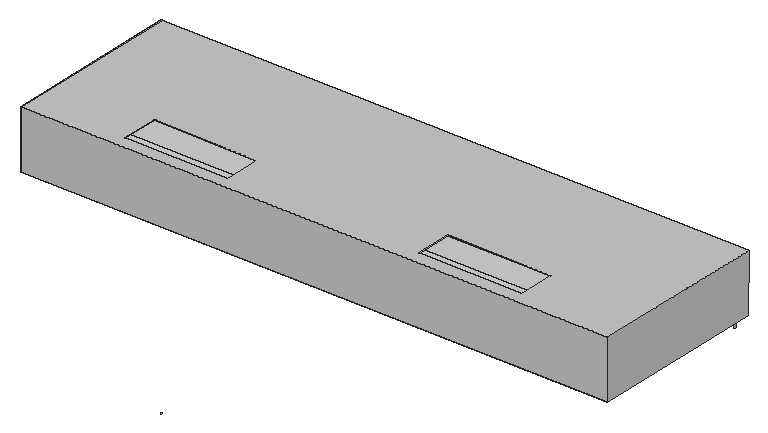
Revit family "QF_ELECTROLUXPROFESSIONAL_643327_DK1240", category Attrezzature speciali, Revit 2021
Family settings
  Quota connettore circolare = Usa diametro
  Tipo di parte = Normale
  Basato su piano di lavoro = No
  Sempre verticale = Sì
  Taglio con vuoti quando caricato = No
  Condiviso = No
  Punto di calcolo locali = No
Parameters (values of type "Standard")
  Weight = 98.00 kg
  Watts = 0 W
  Volts = 0 V
  URL Manufacturer = "https://www.electroluxprofessional.com/"
  URL = "https://www.electroluxprofessional.com/"
  Steam Supply Size = 0 mm
  Steam Supply Minimum Pressure = 0.0 Pa
  Steam Supply Maximum Pressure = 0.0 Pa
  Steam Consumption per Hour = 0
  Refrigeration Suction Line Size = 0 mm
  Refrigeration Liquid Line Size = 0 mm
  Refrigerant Compressor Remote = yes
  Prospetto di default = 0 mm
  Produttore = "Electrolux Professional"
  Phase = 0
  Modello = "DK1240"
  Length Actual = 4000 mm  # constant formula
  Item Number = "643327"
  Hot Water Size = 0 mm
  Height Actual = 400 mm  # constant formula
  HP = "0 HP"
  Gas Size = 0 mm
  Gas KW = 0
  Gas Input Pressure = 0 W
  Direct Waste Size = 0 mm
  Descrizione = "304 AISI S/S WALL HOOD FOR DW 400X120"
  Depth Actual = 1200 mm  # constant formula
  Cycle = 0 Hz
  Condensate Return Size = 0 mm
  Compressed Air Volume = 0.0 L/s
  Compressed Air Size = 0 mm
  Compressed Air Pressure = 0.0 Pa
  Cold Water Size = 0 mm
  Accessory = yes
Reference planes
  plane 1: z = 0
  plane 2 "Center (Left/Right)": x = 150
  plane 3 "LEFT": x = -1850
  plane 4 "RIGHT": x = 2150
  plane 5 "BACK": y = 550
  plane 6 "TOP": z = 2400
  plane 7 "Base": z = 2000
  plane 8: z = 1970
  plane 9 "DrainY": y = 450
  plane 10: x = -1847
  plane 11: y = -320
  plane 12: y = -570
  plane 13 "DrainX": x = 2137
  plane 14 "AOLeft2": x = -500
  plane 15 "AORight1": x = 800
  plane 16: x = 2147
  plane 17: x = -1650
  plane 18: x = 1950
  plane 19 "Center (Front/Back)": y = -50
  plane 20 "Front": y = -650
  plane 21: x = 50
  plane 22: x = 250
  plane 23 "AOLeft1": x = -1200
  plane 24 "AORight2": x = 1500
Forms (mm)
  Extrusion 1, solid, material "QF_Finishes_Stainless Steel"
    sketch origin (-1850, 0, 360) x (0, 1, 0) y (0, 0, 1)
      loop
        line (550, 1640) -> (550, 2040) -> (-650, 2040) -> (-650, 1640) -> (550, 1640)
    from 0 to 3
  Extrusion 2, solid, material "QF_Finishes_Stainless Steel"
    sketch origin (2150, 0, 360) x (0, 1, 0) y (0, 0, 1)
      loop
        line (550, 1640) -> (550, 2040) -> (-650, 2040) -> (-650, 1640) -> (550, 1640)
    from 0 to -3
  Extrusion 3, solid, material "QF_Finishes_Stainless Steel"
    sketch origin (150, 0, 360) x (0, 1, 0) y (0, 0, 1)
      loop
        line (-650, 2040) -> (-650, 1640) -> (-640, 1640) -> (-640, 1640.8) -> (-649.2, 1640.8) -> (-649.2, 2039.19) -> (549.2, 2039.19) -> (549.2, 1640.8) -> (540, 1640.8) -> (540, 1640) -> (550, 1640) -> (550, 2040) -> (-650, 2040)
    from -2000 to 2000
  Extrusion 4, solid, material "QF_Finishes_Stainless Steel"
    sketch origin (0, 0, 2000) x (0, 1, 0) y (-1, 0, 0)
      loop
        circle (450, -2137) r 4.763
    from -30 to 0
  Extrusion 5, void
    sketch origin (0, 0, 2400) x (0, 1, 0) y (-1, 0, 0)
      loop
        line (-320, 500) -> (-320, 1200) -> (-570, 1200) -> (-570, 500) -> (-320, 500)
    from 0 to -10
  Extrusion 6, solid, material "QF_Finishes_Stainless Steel"
    sketch origin (0, 0, 0) x (1, 0, 0) y (0, 1, 0)
      loop
        line (-1850, 550) -> (-1850, 549) -> (-1849, 549) -> (-1849, 550) -> (-1850, 550)
    from 0 to 1
  Sweep 7, solid, material "QF_Finishes_Stainless Steel"
    path origin (0, 0, 0) x (1, 0, 0) y (0, 1, 0)
      loop
        line (2150, 550) -> (-1850, 550) -> (-1850, -650) -> (2150, -650) -> (2150, 550)
    profile origin (2150, -50, 0) x (1, 0, 0) y (0, 0, 1)
      loop
        line (-3, 2000) -> (-3, 2000.8) -> (-19, 2000.8) -> (-19, 2010) -> (-20, 2010) -> (-20, 2000) -> (-3, 2000)
  Extrusion 8, solid, material "QF_Finishes_Stainless Steel"
    sketch origin (150, 0, 0) x (0, 1, 0) y (0, 0, 1)
      loop
        line (35, 2399.19) -> (34.2, 2399.19) -> (34.2, 2329.838) -> (-320.309, 2254.485) -> (-614.003, 2066.672) -> (-614.003, 2000.8) -> (-613.203, 2000.8) -> (-613.203, 2066.234) -> (-320, 2253.732) -> (35, 2329.19) -> (35, 2399.19)
    from -1997 to 1997
  Extrusion 9, void
    sketch origin (1134.605, 0, 2400) x (0, 1, 0) y (-1, 0, 0)
      loop
        line (-320, -365.395) -> (-320, 334.605) -> (-570, 334.605) -> (-570, -365.395) -> (-320, -365.395)
    from 0 to -10
Cuts and joins
  Extrusion 5, Extrusion 9 cuts Extrusion 3
  joined: Extrusion 2, Extrusion 3, Sweep 7
Lines and regions (mm)
  symbolic lines, style "SpecialityEquipment", detail levels coarse
    curve 1: line (2150, 550, 2400) -> (-1850, 550, 2400)
    curve 2: line (-1850, 550, 2400) -> (-1850, -650, 2400)
    curve 3: line (2150, -650, 2400) -> (2150, 550, 2400)
    curve 4: line (-1850, 550, 0) -> (2150, -650, 0)
    curve 5: line (2150, 550, 0) -> (-1850, -650, 0)
    curve 6: line (-1850, -650, 0) -> (2150, -650, 0)
    curve 7: line (-500, -443.853, 0) -> (-1162.844, -443.853, 0)
    curve 8: line (-500, -570, 0) -> (-500, -443.853, 0)
    curve 9: line (-1162.844, -570, 0) -> (-500, -570, 0)
    curve 10: line (-1162.844, -443.853, 0) -> (-1162.844, -570, 0)
    curve 11: line (800, -443.94, 0) -> (800, -570, 0)
    curve 12: line (1463.132, -443.94, 0) -> (800, -443.94, 0)
    curve 13: line (1463.132, -570, 0) -> (1463.132, -443.94, 0)
    curve 14: line (800, -570, 0) -> (1463.132, -570, 0)
Dimensions and locks
  plane 3 "LEFT" to plane 4 "RIGHT" = 4000 mm
  equal spacing: plane 3 "LEFT", plane 2 "Center (Left/Right)", plane 4 "RIGHT"
  plane 7 "Base" to plane 8 = 30 mm
  plane 5 "BACK" to plane 9 "DrainY" = 100 mm  (x2)
  plane 3 "LEFT" to plane 10 = 3 mm
  plane 13 "DrainX" to plane 4 "RIGHT" = 13 mm
  plane 16 to plane 4 "RIGHT" = 3 mm
  plane 3 "LEFT" to plane 17 = 200 mm
  plane 18 to plane 4 "RIGHT" = 200 mm
  locked: plane 14 "AOLeft2" to plane 15 "AORight1" at 1300
  equal spacing: plane 14 "AOLeft2", plane 2 "Center (Left/Right)", plane 15 "AORight1"
  locked: plane 7 "Base" to level at 2000
  locked: plane 6 "TOP" to plane 7 "Base" at 400
  plane 5 "BACK" to plane 20 "Front" = 1200 mm  (x2)
  equal spacing: plane 5 "BACK", plane 19 "Center (Front/Back)", plane 20 "Front"
  locked: plane 21 to plane 22 at 200
  equal spacing: plane 21, plane 2 "Center (Left/Right)", plane 22
  plane 12 to plane 20 "Front" = 80 mm
  locked: plane 11 to plane 12 at 250
  locked: plane 23 "AOLeft1" to plane 14 "AOLeft2" at 700
  locked: plane 15 "AORight1" to plane 24 "AORight2" at 700
  aligned and locked: level to plane 1
  aligned and locked: plane 4 "RIGHT" to Extrusion 3
  aligned and locked: Extrusion 3 to plane 3 "LEFT"
  aligned and locked: Extrusion 5 to plane 12
  aligned and locked: Extrusion 5 to plane 11
  aligned and locked: Extrusion 2 to plane 16
  aligned and locked: Extrusion 8 to plane 10
  aligned and locked: plane 16 to Extrusion 8
  aligned and locked: Extrusion 5 to plane 23 "AOLeft1"
  aligned and locked: Extrusion 5 to plane 14 "AOLeft2"
  aligned and locked: plane 24 "AORight2" to Extrusion 9
  aligned and locked: plane 15 "AORight1" to Extrusion 9
Automatic sketch dimensions
  Extrusion 1 sketch curve to plane 7 "Base" = 0 mm
  Extrusion 1 sketch curve to plane 20 "Front" = 0 mm
  Extrusion 1 sketch curve to plane 5 "BACK" = 0 mm
  Extrusion 1 sketch curve to plane 6 "TOP" = 0 mm
  Extrusion 2 sketch curve to plane 7 "Base" = 0 mm
  Extrusion 2 sketch curve to plane 20 "Front" = 0 mm
  Extrusion 2 sketch curve to plane 5 "BACK" = 0 mm
  Extrusion 2 sketch curve to plane 6 "TOP" = 0 mm
  Extrusion 3 sketch curve to plane 6 "TOP" = 0 mm
  Extrusion 3 sketch curve to plane 20 "Front" = 0 mm
  Extrusion 3 sketch curve to plane 7 "Base" = 0 mm  (x2)
  Extrusion 3 sketch curve to plane 5 "BACK" = 0 mm
  plane 20 "Front" to Extrusion 3 sketch curve = 0.8 mm
  Extrusion 3 sketch curve to Extrusion 3 sketch curve = 9.2 mm
  plane 7 "Base" to Extrusion 3 sketch curve = 0.8 mm  (x2)
  Extrusion 3 sketch curve to plane 5 "BACK" = 10 mm
  Extrusion 3 sketch curve to plane 5 "BACK" = 0.8 mm
  Extrusion 3 sketch curve to plane 6 "TOP" = 0.81 mm
  Extrusion 4 sketch curve to plane 9 "DrainY" = 0 mm
  Extrusion 4 sketch curve to plane 13 "DrainX" = 0 mm
  Extrusion 5 sketch curve to plane 12 = 0 mm
  plane 11 to Extrusion 5 sketch curve = 0 mm
  Extrusion 5 sketch curve to plane 14 "AOLeft2" = 0 mm
  Extrusion 5 sketch curve to plane 23 "AOLeft1" = 0 mm
  Extrusion 6 sketch curve to plane 3 "LEFT" = 0 mm
  Extrusion 6 sketch curve to plane 5 "BACK" = 0 mm
  plane 3 "LEFT" to Extrusion 6 sketch curve = 1 mm
  Extrusion 6 sketch curve to Extrusion 6 sketch curve = 1 mm
  Sweep 7 sketch curve to plane 3 "LEFT" = 0 mm
  Sweep 7 sketch curve to plane 4 "RIGHT" = 0 mm
  Sweep 7 sketch curve to plane 20 "Front" = 0 mm
  Sweep 7 sketch curve to plane 5 "BACK" = 0 mm
  profile plane to Sweep 7 sketch curve = 20 mm
  Sweep 7 sketch curve to Sweep 7 sketch curve = 1 mm
  profile plane to Sweep 7 sketch curve = 3 mm
  level to Sweep 7 sketch curve = 2000 mm
  Sweep 7 sketch curve to Sweep 7 sketch curve = 0.8 mm
  Sweep 7 sketch curve to Sweep 7 sketch curve = 9.2 mm
  Extrusion 9 sketch curve to plane 12 = 0 mm
  plane 11 to Extrusion 9 sketch curve = 0 mm
  Extrusion 9 sketch curve to plane 15 "AORight1" = 700 mm
  plane 22 to Extrusion 9 sketch curve = 550 mm
  curve 2 to plane 3 "LEFT" = 0 mm
  curve 2 to plane 20 "Front" = 0 mm
  curve 3 to plane 4 "RIGHT" = 0 mm
  curve 3 to plane 20 "Front" = 0 mm
  curve 2 to plane 5 "BACK" = 0 mm
  Extrusion 8 sketch curve to plane 11 = 0 mm
  plane 11 to Extrusion 8 sketch curve = 0.309 mm
  plane 7 "Base" to Extrusion 8 sketch curve = 0.8 mm
  plane 20 "Front" to Extrusion 8 sketch curve = 36.797 mm
  Extrusion 8 sketch curve to Extrusion 8 sketch curve = 0.8 mm  (x2)
  plane 19 "Center (Front/Back)" to Extrusion 8 sketch curve = 84.2 mm
  Extrusion 8 sketch curve to Extrusion 8 sketch curve = 65.434 mm
  Extrusion 8 sketch curve to plane 6 "TOP" = 146.268 mm
  Extrusion 8 sketch curve to Extrusion 8 sketch curve = 0.752 mm
  Extrusion 8 sketch curve to plane 6 "TOP" = 70.81 mm
  Extrusion 8 sketch curve to Extrusion 8 sketch curve = 0.648 mm
  Extrusion 8 sketch curve to Extrusion 8 sketch curve = 0.438 mm
  Extrusion 8 sketch curve to plane 6 "TOP" = 0.81 mm
  curve 6 to plane 3 "LEFT" = 0 mm
  curve 4 to plane 3 "LEFT" = 0 mm
  curve 10 to plane 12 = 0 mm
  curve 8 to plane 14 "AOLeft2" = 0 mm
  curve 14 to plane 12 = 0 mm
  curve 14 to plane 15 "AORight1" = 0 mm
  curve 5 to plane 4 "RIGHT" = 0 mm
  curve 6 to plane 4 "RIGHT" = 0 mm
  curve 4 to plane 20 "Front" = 0 mm
  curve 4 to plane 5 "BACK" = 0 mm
  curve 5 to plane 5 "BACK" = 0 mm
  plane 23 "AOLeft1" to curve 10 = 37.156 mm
  curve 14 to plane 24 "AORight2" = 36.868 mm
  radius of Extrusion 4 sketch curve = 4.763 mm
Connectors
  piping at (2137, 450, 1970), diameter 9.5
    settings: on Extrusion 4, index 1, connector inside diameter 609.6 mm, connector length 0 mm, flow factor 0, pipe flow 0.0 L/s, pressure drop 0.0 Pa, fitting loss kfactor 0, connector angle 0.00°, fixture units 0, engagement length 0 mm, angle of deflection 0.00°, flow configuration 1, flow direction 2, fitting loss method 0, system type 16, joint type 0, gender type 0, connector reference index -1, connector utility 0, adjustable connector no, is connector primary yes, connector description "Drain"
  hvac at (-850, -445, 2400)
    settings: on Extrusion 5, index 2, duct flow 0.0 L/s, flow factor 0, pres drop 0.0 Pa, loss coef 0, conn angle 0.00°, conn width 250 mm, conn height 700 mm, conn diameter 609.6 mm, duct sys type 3, conn prof type 1, flow config 1, flow direction 2, loss method 0, conn ref index -1, conn util no, is conn primary yes, conn desc "EXHAUST OUTLET"
  hvac at (1150, -445, 2400)
    settings: on Extrusion 9, index 3, duct flow 0.0 L/s, flow factor 0, pres drop 0.0 Pa, loss coef 0, conn angle 0.00°, conn width 250 mm, conn height 700 mm, conn diameter 609.6 mm, duct sys type 3, conn prof type 1, flow config 1, flow direction 2, loss method 0, conn ref index -1, conn util no, is conn primary no, conn desc "EXHAUST OUTLET"
